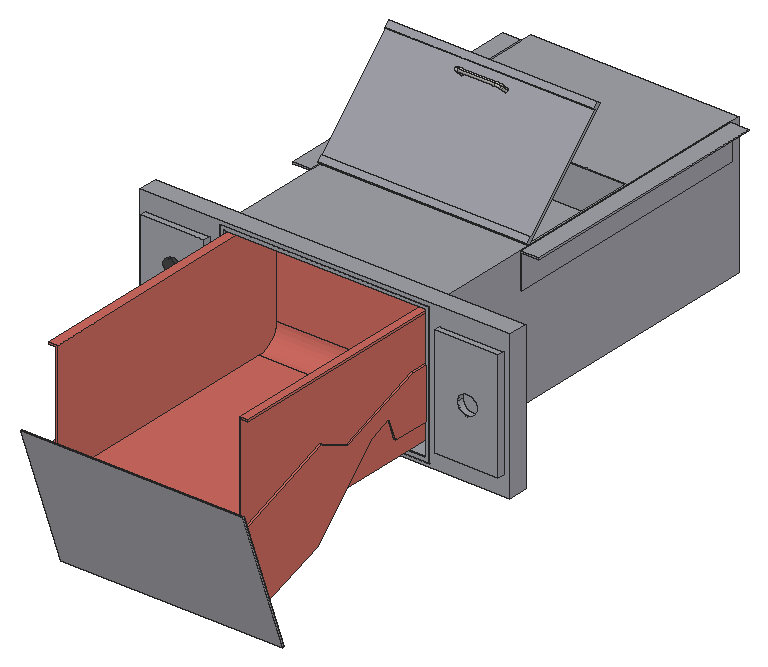
Revit family "Specialty_Equipment-Bavis_Fabacraft-Electric_Transaction_Drawer", category Specialty Equipment, host Wall, Revit 2020
Family settings
  Host = Wall
  Round Connector Dimension = Use Diameter
  Part Type = Normal
  OmniClass Number = 23.40.70.27.24.21
  OmniClass Title = Service and Teller Window Units
  Always vertical = Yes
  Cut with Voids When Loaded = Yes
  Shared = No
  Room Calculation Point = No
Parameters (values of type "Large")
  Width = if(C Sign Constraint = 1, 1' 2 1/2", if(C Sign Constraint = 2, 1' 3 5/8", if(C Sign Constraint = 3, 1' 3 5/8", 1' 2 1/2")))  # 1' - 3 5/8"
  Warranty URL = ""
  Wall Width Warning [instance] = if(and(C Sign Constraint = 1, Wall Width > 0' 6 17/32" - 0' 1 1/2", Optional Audio Panel), "Wall Width Max 5 1/32\" With Optional Audio Panel. Please Select Different Wall Width.", if(and(C Sign Constraint = 1, Wall Width > 0' 8 5/8" - 0' 1 1/2", Optional Audio Panel), "Wall Width Max 7 1/8\" With Optional Audio Panel. Please Select Different Wall Width.", if(and(C Sign Constraint = 1, Wall Width > 0' 8 5/8" - 0' 1 1/2", Optional Audio Panel), "Wall Width Max 7 1/8\" With Optional Audio Panel. Please Select Different Wall Width.", if(and(C Sign Constraint = 1, Wall Width > 0' 6 17/32"), "Wall Width Max 6 17/32\". Please Select Different Wall Width.", if(and(C Sign Constraint = 2, Wall Width > 0' 8 5/8"), "Wall Width Max 8 5/8\". Please Select Different Wall Width.", if(and(C Sign Constraint = 3, Wall Width > 0' 8 5/8"), "Wall Width Max 8 5/8\". Please Select Different Wall Width.", "Wall Width Compatible"))))))  # "Wall Width Compatible"
  Wall Width [instance] = 0' - 8"
  Voltage = 120 V  # constant formula
  Video Link = "https://www.youtube.com/watch?v=4XuO8WkjTBw"
  Version = "2020 - v1.0a"  # constant formula
  URL = "https://www.bavis.com/"
  Teller Door Open [instance] = yes
  Teller Door Note [instance] = "For accurate vizualization of drawer opening please use project cut tool on counter then drawer to active the drawer opening void"  # constant formula
  Support Phone = "224-699-9545"  # constant formula
  Support Email = "mailto:support@bimsmith.com"
  Product Page URL = "https://www.bavis.com/transaction-drawers"
  Product Name = "Bavis Electric Transactions Drawers"  # constant formula
  Product Documentation Link = "https://docs.bavis.com/ptd-5000-tank-transaction-drawer-typical-specifications/viewdocument/307"
  Power Factor = 1
  Order Code [instance] = if(C Sign Constraint = 1, "XSD", if(C Sign Constraint = 2, "2000 Buddy", if(C Sign Constraint = 3, "5000 Tank", "XSD")))  # "5000 Tank"
  Optional Audio Panel [instance] = yes
  C Offset [instance] = if(Optional Audio Panel, 0' 1 1/2", 0' 0")  # 0' - 1 1/2"
  Drawer Open [instance] = yes
  Number of Poles = 1
  Model = "See Order Code"  # constant formula
  Material = ""
  Manufacturer Phone Number = "(513) 677-0500"  # constant formula
  Manufacturer Email = "mailto:sales@bavis.com"
  Manufacturer Address = "201 Grandin Road, Maineville, OH 45039"  # constant formula
  Manufacturer = "Bavis Fabacraft"  # constant formula
  Load Classification = Power
  Length = if(C Sign Constraint = 1, 2' 2 1/2", if(C Sign Constraint = 2, 2' 5", if(C Sign Constraint = 3, 2' 5", 2' 2 1/2")))  # 2' - 5"
  Keynote = "14 90 00"
  Instruction Sheet Link = "Please Contact Manufacturer for Instruction Documentation"
  Height = if(C Sign Constraint = 1, 0' 6 9/16", if(C Sign Constraint = 2, 0' 9", if(C Sign Constraint = 3, 0' 10 1/2", 0' 6 9/16")))  # 0' - 10 1/2"
  Hardware = Metal - Bavis Fabacraft - Steel
  Finish = Metal - Bavis Fabacraft - Aluminum - Dark Grey
  Elevation Height = 3' - 0"
  Drawer = Paint - Bavis Fabacraft - Red
  Description = "Electric Transactions Drawers"  # constant formula
  Copyright = "© 2022 Bavis Fabacraft, All Rights Reserved."  # constant formula
  Default Elevation = 0' - 0"
  C Void Start = if(C Sign Constraint = 1, 0' 6 3/8", if(C Sign Constraint = 2, 0' 8 7/8", if(C Sign Constraint = 3, 0' 8 1/2", 0' 6 3/8")))  # 0' - 8 1/2"
  C Stroke = if(C Sign Constraint = 1, 0' 11 1/2", if(C Sign Constraint = 2, 0' 11 1/2", if(C Sign Constraint = 3, 1' 5 1/2", 0' 11 1/2")))  # 1' - 5 1/2"
  C Start = if(C Sign Constraint = 1, 0' 7 3/8", if(C Sign Constraint = 2, 0' 9 1/16", if(C Sign Constraint = 3, 0' 9 5/16", 0' 7 3/8")))  # 0' - 9 5/16"
  C Sign Constraint = 3
  C Rough Width = if(C Sign Constraint = 1, 1' 2 3/4", if(C Sign Constraint = 2, 1' 4", if(C Sign Constraint = 3, 1' 4", 1' 2 3/4")))  # 1' - 4"
  C Rough Height = if(C Sign Constraint = 1, 0' 6 3/4", if(C Sign Constraint = 2, 0' 9 1/4", if(C Sign Constraint = 3, 0' 10 3/4", 0' 6 3/4")))  # 0' - 10 3/4"
  C Middle = if(C Sign Constraint = 1, 0' 7 1/2", if(C Sign Constraint = 2, 0' 9 1/16", if(C Sign Constraint = 3, 0' 9 3/8", 0' 7 1/2")))  # 0' - 9 3/8"
  C Inset = 0' - 0"  # constant formula
  C Drawer Inset [instance] = if(and(Drawer Open, C Sign Constraint = 1), 0' 0 7/32", if(and(Drawer Open, C Sign Constraint = 2), 0' 3 7/32", if(and(Drawer Open, C Sign Constraint = 3), 0' 0 59/256", if(and(not(Drawer Open), C Sign Constraint = 1), 0' 0 7/32" + C Stroke, if(and(not(Drawer Open), C Sign Constraint = 2), 0' 3 7/32" + C Stroke, if(and(not(Drawer Open), C Sign Constraint = 3), 0' 0 59/256" + C Stroke, 1' 2 7/8" + C Stroke))))))  # 0' - 0 59/256"
  C Drawer = 0' - 0"  # constant formula
  C Door Width = Width + 0' 1"  # 1' - 4 5/8"
  C Door Height = Height + 0' 0 1/2"  # 0' - 11"
  C Counter Open Width = if(C Sign Constraint = 1, 1' 2 7/8", if(C Sign Constraint = 2, 1' 3 5/8", if(C Sign Constraint = 3, 1' 3 3/4", 1' 2 7/8")))  # 1' - 3 3/4"
  C Counter Open Length = if(C Sign Constraint = 1, 0' 8 5/8", if(C Sign Constraint = 2, 0' 10", if(C Sign Constraint = 3, 0' 11", 0' 8 5/8")))  # 0' - 11"
  C Back = if(C Sign Constraint = 1, 0' 11 3/4", if(C Sign Constraint = 2, 0' 10 7/8", if(C Sign Constraint = 3, 0' 10 5/16", 0' 11 3/4")))  # 0' - 10 5/16"
  C Angle [instance] = if(Teller Door Open, 45.00°, 0.00°)  # 45.00°
  Assembly Code = "E1010"
  Apparent Load = 0 VA
Types (4): name | Width | Wall Width Warning | Product Documentation Link | Order Code | Length | Instruction Sheet Link | Height | C Void Start | C Stroke | C Start | C Sign Constraint | C Rough Width | C Rough Height | C Middle | C Drawer Inset | C Door Width | C Door Height | C Counter Open Width | C Counter Open Length | C Back
  (no name) | 1' - 3 5/8" | "Wall Width Compatible" | "https://docs.bavis.com/ptd-5000-tank-transaction-drawer-typical-specifications/viewdocument/307" | "5000 Tank" | 2' - 5" | "Please Contact Manufacturer for Instruction Documentation" | 0' - 10 1/2" | 0' - 8 1/2" | 1' - 5 1/2" | 0' - 9 5/16" | 3 | 1' - 4" | 0' - 10 3/4" | 0' - 9 3/8" | 0' - 0 59/256" | 1' - 4 5/8" | 0' - 11" | 1' - 3 3/4" | 0' - 11" | 0' - 10 5/16"
  Extra Small | 1' - 2 1/2" | "Wall Width Max 5 1/32\" With Optional Audio Panel. Please Select Different Wall Width." | "https://docs.bavis.com/pxd-2000-buddy-typical-specifications/viewdocument/308" | "XSD" | 2' - 2 1/2" | "https://docs.bavis.com/00763011-extra-small-xs-drawer-installation-and-service-manual/viewdocument/379" | 0' - 6 9/16" | 0' - 6 3/8" | 0' - 11 1/2" | 0' - 7 3/8" | 1 | 1' - 2 3/4" | 0' - 6 3/4" | 0' - 7 1/2" | 0' - 0 7/32" | 1' - 3 1/2" | 0' - 7 1/16" | 1' - 2 7/8" | 0' - 8 5/8" | 0' - 11 3/4"
  Small | 1' - 3 5/8" | "Wall Width Compatible" | "https://docs.bavis.com/psd-3000-spark-replacement-drawer-typical-specifications/download" | "2000 Buddy" | 2' - 5" | "https://docs.bavis.com/00652011-small-transaction-drawer-installation-and-service-manual/viewdocument/376" | 0' - 9" | 0' - 8 7/8" | 0' - 11 1/2" | 0' - 9 1/16" | 2 | 1' - 4" | 0' - 9 1/4" | 0' - 9 1/16" | 0' - 3 7/32" | 1' - 4 5/8" | 0' - 9 1/2" | 1' - 3 5/8" | 0' - 10" | 0' - 10 7/8"
  Large | 1' - 3 5/8" | "Wall Width Compatible" | "https://docs.bavis.com/ptd-5000-tank-transaction-drawer-typical-specifications/viewdocument/307" | "5000 Tank" | 2' - 5" | "Please Contact Manufacturer for Instruction Documentation" | 0' - 10 1/2" | 0' - 8 1/2" | 1' - 5 1/2" | 0' - 9 5/16" | 3 | 1' - 4" | 0' - 10 3/4" | 0' - 9 3/8" | 0' - 0 59/256" | 1' - 4 5/8" | 0' - 11" | 1' - 3 3/4" | 0' - 11" | 0' - 10 5/16"
Reference planes (in)
  plane 1: y = 0
  plane 2 "Center (Left/Right)": x = 0
  plane 3 "Wall Edge": y = 3.05833
  plane 4: y = 23.55833
  plane 5: z = 36
  plane 6: z = 46.5
  plane 7: z = 0
  plane 8: z = 0
  plane 9 "C": z = 41.25
  plane 10: z = 35.75
  plane 11: z = 46.75
  plane 12: y = -5.56667
  plane 13: y = -23.06667
  plane 14: y = 3.87083
  plane 15: y = 13.24583
  plane 16: y = 23.55833
  plane 17 "A": y = -5.44167
  plane 18: x = -7.8125
  plane 19: x = 7.8125
  plane 20: x = 8.3125
  plane 21: x = -8.3125
  plane 22: y = 3.05833
  plane 23: y = 14.05833
  plane 24: x = -7.875
  plane 25: x = 7.875
  plane 26 "D": z = 41.25
  plane 27 "E": y = -5.3362
  plane 28: z = 35.75
  plane 29: z = 46.75
  plane 30: x = 13.84375
  plane 31: x = -13.84375
  plane 32 "F": y = -3.94167
  plane 33 "G": y = -5.94167
Forms (in)
  Extrusion 1, void
    sketch origin (96, -155.27688, 0) x (0.866025, 0.5, 0) y (-0.5, 0.866025, 0)
      loop
        line (-0.48666, 206.78209) -> (-23.79916, 166.40365) -> (-10.26751, 158.59115) -> (13.04499, 198.96959) -> (-0.48666, 206.78209)
    from 36 to 46.5
  Sweep 2, solid, material "Metal - Bavis Fabacraft - Aluminum - Dark Grey" <- "Finish"
    path origin (0, -5.44167, 0) x (-1, 0, 0) y (0, 0, 1)
      loop
        line (7.8125, 36) -> (7.8125, 46.5) -> (-7.8125, 46.5) -> (-7.8125, 36) -> (7.8125, 36)
    profile origin (0, -5.44167, 36) x (0, 0, -1) y (0, 1, 0)
      loop
        line (-5.03581, 29) -> (-5.03581, 28.875) -> (-0.125, 28.875) -> (-0.125, 0.125) -> (-0.25, 0.125) -> (-0.25, 0) -> (0, 0) -> (0, 29) -> (-5.03581, 29)
  Extrusion 3, solid, material "Metal - Bavis Fabacraft - Aluminum - Dark Grey" <- "Finish"
    sketch origin (0, 0, 0) x (0, 1, 0) y (0, 0, 1)
      loop
        line (23.43333, 41.46419) -> (23.43333, 41.03581) -> (23.55833, 41.03581) -> (23.55833, 41.46419) -> (23.43333, 41.46419)
    from -7.8125 to 7.8125
  Extrusion 4, void
    sketch origin (96, -155.27688, -0.125) x (0.866025, 0.5, 0) y (-0.5, 0.866025, 0)
      loop
        line (-5.29078, 198.5861) -> (-10.79078, 189.05982) -> (2.84912, 181.18482) -> (8.34912, 190.7111) -> (-5.29078, 198.5861)
    from 35.875 to 46.875
  Extrusion 5, solid, material "Metal - Bavis Fabacraft - Aluminum - Dark Grey" <- "Finish"
    sketch origin (0, 3.05833, 0) x (1, 0, 0) y (0, 0, 1)
      loop
        line (7.8125, 46.5) -> (7.8125, 43.875) -> (7.9375, 43.875) -> (7.9375, 46.375) -> (9.1875, 46.375) -> (9.1875, 46.5) -> (7.8125, 46.5)
      loop
        line (-7.8125, 46.5) -> (-9.1875, 46.5) -> (-9.1875, 46.375) -> (-7.9375, 46.375) -> (-7.9375, 43.875) -> (-7.8125, 43.875) -> (-7.8125, 46.5)
    from 0 to -19.63779
  Extrusion 6, void
    sketch origin (96, -155.27688, 0) x (0.866025, 0.5, 0) y (-0.5, 0.866025, 0)
      loop
        line (-5.53465, 197.7887) -> (-10.22215, 189.66971) -> (3.09299, 181.98221) -> (7.78049, 190.1012) -> (-5.53465, 197.7887)
    from 46.25 to 46.75
  Extrusion 7, solid, material "Metal - Bavis Fabacraft - Aluminum - Dark Grey" <- "Finish", visible <- "Optional Audio Panel"
    sketch origin (0, -5.44167, 0) x (-1, 0, 0) y (0, 0, 1)
      loop
        line (13.84375, 46.75) -> (-13.84375, 46.75) -> (-13.84375, 35.75) -> (13.84375, 35.75) -> (13.84375, 46.75)
      loop
        line (7.875, 46.5) -> (-7.875, 46.5) -> (-7.875, 36) -> (7.875, 36) -> (7.875, 46.5)
    from 0 to 1.5
  Extrusion 8, solid, material "Metal - Bavis Fabacraft - Aluminum - Dark Grey" <- "Finish", visible <- "Optional Audio Panel"
    sketch origin (0, -5.44167, 0) x (-1, 0, 0) y (0, 0, 1)
      loop
        line (13.37208, 45.41369) -> (8.62208, 45.41369) -> (8.62208, 37.16369) -> (13.37208, 37.16369) -> (13.37208, 45.41369)
      loop
        circle (10.99493, 42.93755) r 0.5
      loop
        line (11.96695, 39.77547) -> (11.03129, 40.71113) -> (10.11125, 39.7911) -> (11.04691, 38.85544) -> (11.96695, 39.77547)
      loop
        circle (-11.08743, 41.25) r 0.75
      loop
        line (-13.37208, 45.41369) -> (-13.37208, 37.16369) -> (-8.62208, 37.16369) -> (-8.62208, 45.41369) -> (-13.37208, 45.41369)
    from -0.5 to 1.84613
  Extrusion 9, solid, material "Plastic - Bavis Fabacraft - Black", visible <- "Optional Audio Panel"
    sketch origin (0, -5.44167, 0) x (-1, 0, 0) y (0, 0, 1)
      loop
        circle (10.99493, 42.93755) r 0.5
      loop
        circle (11.01755, 40.00766) r 0.25
    from -0.7625 to 0
Cuts and joins
  Extrusion 6 cuts Sweep 2
  joined: Sweep 2, Extrusion 3
  joined: Extrusion 7, Extrusion 8
Lines and regions (in)
  reference lines
    curve 1: line (0, 3.87083, 46.5) -> (0, 5.04194, 45.32889)
    curve 2: line (0, 3.87083, 46.5) -> (0, 4.75472, 47.38388)
Text (in)
  text "Placement Side" at (0, 40.15149, 123.01588), in view "Right"
  text "Placement Side" at (-70.3804, 28.46503, 0), in view "Ref. Level"
  text "Placement Side" at (0, 158.81142, 156.46546), in view "Left"
Dimensions and locks (in)
  plane 3 "Wall Edge" to host wall = 0' - 1"
  "Elevation Height": plane 5 to level
  "Height": plane 6 to plane 5
  equal spacing: plane 6, plane 9 "C", plane 5
  equal spacing: plane 11, plane 9 "C", plane 10
  "C Door Height": plane 11 to plane 10
  "Length": plane 4 to plane 17 "A"
  "C Stroke": plane 12 to plane 13
  host wall to plane 17 "A" = 0' - 1 1/2"
  "C Start": plane 14 to plane 17 "A"
  "C Middle": plane 15 to plane 14
  "C Back": plane 16 to plane 15
  equal spacing: plane 18, plane 2 "Center (Left/Right)", plane 19
  "Width": plane 18 to plane 19
  equal spacing: plane 21, plane 2 "Center (Left/Right)", plane 20
  "C Door Width": plane 21 to plane 20
  "C Void Start": plane 22 to plane 17 "A"
  "C Counter Open Length": plane 23 to plane 22
  equal spacing: plane 24, plane 2 "Center (Left/Right)", plane 25
  "C Counter Open Width": plane 24 to plane 25
  plane 19 to Extrusion 5 sketch curve to Extrusion 5 sketch curve to Extrusion 5 sketch curve = 0' - 0" locked, 0' - 0 1/8" locked, 0' - 1 1/4" locked
  Extrusion 5 sketch curve to Extrusion 5 sketch curve to plane 6 to Extrusion 5 sketch curve = 0' - 2 1/2" locked, 0' - 0 1/8" locked, 0' - 0" locked
  Extrusion 5 sketch curve to plane 18 to Extrusion 5 sketch curve to Extrusion 5 sketch curve = 0' - 0" locked, 0' - 0 1/8" locked, 0' - 1 1/4" locked
  Extrusion 5 sketch curve to Extrusion 5 sketch curve to Extrusion 5 sketch curve to plane 6 = 0' - 2 1/2" locked, 0' - 0 1/8" locked, 0' - 0" locked
  locked: plane 4 to Extrusion 5 at 0.86221
  locked: Extrusion 6 sketch curve to plane 19 at 0.125
  locked: plane 18 to Extrusion 6 sketch curve at 0.125
  Sweep 2 sketch curve to plane 16 to Sweep 2 sketch curve = 0' - 0" locked, 0' - 0 1/8" locked
  Sweep 2 sketch curve to plane 17 "A" to Sweep 2 sketch curve = 0' - 0 1/8" locked, 0' - 0" locked
  locked: plane 9 "C" to Sweep 2 sketch curve at 0.21419
  Extrusion 3 sketch curve to plane 9 "C" to Extrusion 3 sketch curve = 0' - 0.21419" locked, 0' - 0.21419" locked
  plane 16 to Extrusion 3 sketch curve to Extrusion 3 sketch curve = 0' - 0" locked, 0' - 0 1/8" locked
  "C Drawer": plane 26 "D" to plane 9 "C"
  "C Drawer Inset": plane 27 "E" to plane 12
  locked: Extrusion 6 to plane 6 at 0.25
  equal spacing: plane 29, plane 26 "D", plane 28
  locked: plane 29 to plane 28 at 11
  equal spacing: plane 30, plane 2 "Center (Left/Right)", plane 31
  locked: plane 31 to plane 30 at 27.6875
  locked: plane 17 "A" to plane 12 at 0.125
  "C Offset": host wall to plane 17 "A"
  locked: plane 32 "F" to plane 17 "A" at 1.5
  locked: plane 17 "A" to plane 33 "G" at 0.5
  locked: plane 17 "A" to Extrusion 9 at 0.7625
  plane 31 to Extrusion 8 sketch curve to Extrusion 8 sketch curve to Extrusion 8 sketch curve to Extrusion 8 sketch curve to Extrusion 8 sketch curve to Extrusion 8 sketch curve to Extrusion 8 sketch curve = 0' - 0.47167" locked, 0' - 1.40513" locked, 0' - 0.92004" locked, 0' - 0 1/64" locked, 0' - 0.03636" locked, 0' - 0.88367" locked, 0' - 1.48917" locked
  Extrusion 8 sketch curve to Extrusion 8 sketch curve to plane 26 "D" to Extrusion 8 sketch curve to Extrusion 8 sketch curve to Extrusion 8 sketch curve to Extrusion 8 sketch curve to Extrusion 8 sketch curve = 0' - 2.47613" locked, 0' - 1.68755" locked, 0' - 0.53887" locked, 0' - 0.92004" locked, 0' - 0 1/64" locked, 0' - 0.92004" locked, 0' - 1.69175" locked
  plane 30 to Extrusion 8 sketch curve to Extrusion 8 sketch curve to Extrusion 8 sketch curve = 0' - 0.47167" locked, 0' - 2.28465" locked, 0' - 2.46535" locked
  Extrusion 8 sketch curve to plane 26 "D" to Extrusion 8 sketch curve = 0' - 4.16369" locked, 0' - 4.08631" locked
  "Wall Width": host wall to host wall
  plane 31 to Extrusion 9 sketch curve to Extrusion 9 sketch curve = 0' - 2.8262" locked, 0' - 0.02263" locked
  Extrusion 9 sketch curve to plane 26 "D" to Extrusion 9 sketch curve = 0' - 1.68755" locked, 0' - 1.24234" locked
  angle curve 2 to curve 1 = 90.00°
  "C Angle": angle curve 2 to plane 6
  aligned and locked: plane 19 to Extrusion 1 sketch curve
  aligned and locked: plane 18 to Extrusion 1 sketch curve
  aligned and locked: plane 6 to Extrusion 1
  aligned and locked: Extrusion 1 to plane 5
  aligned and locked: plane 18 to Sweep 2 sketch curve
  aligned and locked: plane 5 to Sweep 2 sketch curve
  aligned and locked: Extrusion 3 to plane 18
  aligned and locked: Extrusion 3 to plane 19
  aligned and locked: Extrusion 4 sketch curve to plane 23
  aligned and locked: plane 24 to Extrusion 4 sketch curve
  aligned and locked: plane 25 to Extrusion 4 sketch curve
  aligned and locked: Extrusion 4 to plane 11
  aligned and locked: Extrusion 5 to plane 22
  aligned and locked: plane 6 to curve 2
  aligned and locked: plane 14 to curve 2
  aligned and locked: plane 2 "Center (Left/Right)" to nested 1
  aligned and locked: plane 22 to Extrusion 4 sketch curve
  aligned and locked: plane 14 to Extrusion 6 sketch curve
  aligned and locked: Extrusion 6 sketch curve to plane 15
  aligned and locked: nested 2 to plane 2 "Center (Left/Right)"
  aligned and locked: plane 27 "E" to nested 2
  aligned and locked: Extrusion 4 to plane 10
  aligned and locked: Extrusion 6 to plane 11
  aligned and locked: plane 13 to Extrusion 1 sketch curve
  aligned and locked: Extrusion 1 sketch curve to plane 16
  aligned and locked: plane 25 to Extrusion 7 sketch curve
  aligned and locked: plane 24 to Extrusion 7 sketch curve
  aligned and locked: Extrusion 7 sketch curve to plane 6
  aligned and locked: plane 5 to Extrusion 7 sketch curve
  aligned and locked: plane 29 to Extrusion 7 sketch curve
  aligned and locked: Extrusion 7 sketch curve to plane 30
  aligned and locked: plane 28 to Extrusion 7 sketch curve
  aligned and locked: Extrusion 7 sketch curve to plane 31
  aligned and locked: Extrusion 7 to plane 17 "A"
  aligned and locked: plane 17 "A" to Extrusion 9
  aligned and locked: plane 26 "D" to Extrusion 8 sketch curve
  aligned and locked: cut or joined group of Extrusion 7, Extrusion 8 to plane 33 "G"
Automatic sketch dimensions
  plane 19 to Sweep 2 sketch curve = 0' - 0"
  Sweep 2 sketch curve to plane 6 = 0' - 0"
  Sweep 2 sketch curve to profile plane = 0' - 0"
  profile plane to Sweep 2 sketch curve = 0' - 0 1/8"
  Sweep 2 sketch curve to Sweep 2 sketch curve = 0' - 0 1/8"
  radius of Extrusion 8 sketch curve = 0' - 0 1/2"
  radius of Extrusion 8 sketch curve = 0' - 0 3/4"
  radius of Extrusion 9 sketch curve = 0' - 0 1/2"
  radius of Extrusion 9 sketch curve = 0' - 0 1/4"
Nested families (in)
  nested 1: "Teller Door" at (0, 3.87083, 46.5) x (0, 0.7071, 0.7071) z (0, -0.7071, 0.7071), type "Teller Door"
    with Width 0' - 9 3/8", Length 1' - 3 5/8", C Sign Constraint 3, C Middle 0' - 9 3/8"
  nested 2: "Drawer" at (0, -5.3362, 41.25) x (0, -1, 0) z (0, 0, 1), type "Drawer"
    with Open yes, C Angle 70.00°
Connectors (in)
  electrical at (-7.8125, 9.05833, 41.25), driven by "Number of Poles", driven by "Load Classification", driven by "Voltage", driven by "Apparent Load", driven by "Power Factor"
    settings: on cut or joined group of Sweep 2, Extrusion 3, Extrusion 6, index 1, voltage 120 V, apparent load 0 VA, apparent load phase1 0 VA, apparent load phase2 0 VA, apparent load phase3 0 VA, power factor 1, load classification "Power", number of poles 1, system type 30, power factor state 1, is connector primary yes, connector utility no, sub classification motor no, connector description "Power Connector"
Definition of nested family "Teller Door"
  Parameters (values of type "Teller Door")
    Width = if(C Sign Constraint = 1, 0' 7 1/2", if(C Sign Constraint = 2, 0' 9 1/16", if(C Sign Constraint = 3, 0' 9 3/8", 0' 7 1/2")))  # 0' - 7 1/2"
    Length = if(C Sign Constraint = 1, 1' 2 1/2", if(C Sign Constraint = 2, 1' 3 5/8", if(C Sign Constraint = 3, 1' 3 5/8", 1' 2 1/2")))  # 1' - 2 1/2"
    Hardware = none
    Finish = none
    Default Elevation = 4' - 0"
    C Sign Constraint = 0
    C Middle = if(C Sign Constraint = 1, 0' 7 1/2", if(C Sign Constraint = 2, 0' 9 1/16", if(C Sign Constraint = 3, 0' 9 3/8", 0' 7 1/2")))  # 0' - 7 1/2"
  Reference planes (in)
    plane 1 "Center (Front/Back)": y = 0
    plane 2: z = 0
    plane 3 "Center (Left/Right)": x = 0
    plane 4: x = 7.5
    plane 5: y = 7.25
    plane 6: y = -7.25
    plane 7: z = 0.25
    plane 8 "c": x = 6.1585
  Forms (in)
    Extrusion 1, solid, material <- "Finish"
      sketch origin (0, 0, 0) x (1, 0, 0) y (0, 0, 1)
        loop
          line (0, 0) -> (7.5, 0) -> (7.5, 0.25) -> (7, 0.25) -> (7, 0.125) -> (0.5, 0.125) -> (0.5, 0.25) -> (0, 0.25) -> (0, 0)
      from -7.25 to 7.25
    Sweep 2, solid, material <- "Hardware"
      path origin (6.1585, 0, 0) x (0, 1, 0) y (0, 0, 1)
        loop
          line (1.625, 0.125) -> (1.625, 0.75)
          arc (1.625, 0.75) -> (1.55178, 0.92678) -> (1.375, 1) r 0.25
          line (1.375, 1) -> (-1.375, 1)
          arc (-1.375, 1) -> (-1.55178, 0.92678) -> (-1.625, 0.75) r 0.25
          line (-1.625, 0.75) -> (-1.625, 0.125)
      profile origin (6.1585, 1.625, 0.4375) x (0, -1, 0) y (1, 0, 0)
        loop
          circle (0, 0) r 0.125
  Dimensions and locks (in)
    "C Middle": plane 3 "Center (Left/Right)" to plane 4
    equal spacing: plane 6, plane 1 "Center (Front/Back)", plane 5
    "Length": plane 6 to plane 5
    locked: plane 7 to plane 2 at 0.25
    locked: plane 8 "c" to plane 4 at 1.3415
    aligned and locked: plane 2 to level
    aligned and locked: plane 5 to Extrusion 1
    aligned and locked: plane 6 to Extrusion 1
  Automatic sketch dimensions
    Extrusion 1 sketch curve to level = 0' - 0"
    Extrusion 1 sketch curve to plane 3 "Center (Left/Right)" = 0' - 0"
    Extrusion 1 sketch curve to plane 7 = 0' - 0"  (x2)
    Extrusion 1 sketch curve to plane 4 = 0' - 0"
    level to Extrusion 1 sketch curve = 0' - 0 1/8"
    plane 3 "Center (Left/Right)" to Extrusion 1 sketch curve = 0' - 0 1/2"
    Extrusion 1 sketch curve to plane 4 = 0' - 0 1/2"
    profile plane to Sweep 2 sketch curve = 0' - 0"
    Sweep 2 sketch curve to profile plane = 0' - 0"
    plane 7 to Sweep 2 sketch curve = 0' - 0 1/2"  (x2)
    plane 1 "Center (Front/Back)" to Sweep 2 sketch curve = 0' - 1 5/8"
    Sweep 2 sketch curve to Sweep 2 sketch curve = 0' - 0 1/4"
    Sweep 2 sketch curve to plane 1 "Center (Front/Back)" = 0' - 1 3/8"
    level to Sweep 2 sketch curve = 0' - 0 1/8"  (x2)
    radius of Sweep 2 sketch curve = 0' - 0 1/8"
Definition of nested family "Drawer"
  Parameters (values of type "Drawer")
    Width = if(C Sign Constraint = 1, 1' 2 1/2", if(C Sign Constraint = 2, 1' 3 5/8", if(C Sign Constraint = 3, 1' 3 5/8", 1' 2 1/2")))  # 1' - 3 5/8"
    Small = if(C Sign Constraint = 1, 1 = 1, 1 = 0)  # no
    Open = no
    Large = if(C Sign Constraint = 1, 1 = 0, 1 = 1)  # yes
    Height = if(C Sign Constraint = 1, 0' 6 9/16", if(C Sign Constraint = 2, 0' 9", if(C Sign Constraint = 3, 0' 10 1/2", 0' 6 9/16")))  # 0' - 10 1/2"
    Hardware = none
    Finish = none
    Drawer = none
    Default Elevation = 4' - 0"
    C Stroke = if(C Sign Constraint = 1, 0' 11 1/2", if(C Sign Constraint = 2, 1' 2 1/2", if(C Sign Constraint = 3, 1' 5 1/2", 0' 11 1/2")))  # 1' - 5 1/2"
    C Sign Constraint = 3
    C Door Width = Width + 0' 1"  # 1' - 4 5/8"
    C Door Height = Height + 0' 0 1/2"  # 0' - 11"
    C Center = if(C Sign Constraint = 3, 0' 4 1/2", 0' 3")  # 0' - 4 1/2"
    C Angle = if(Open, 70.00°, 90.00°)  # 90.00°
  Reference planes (in)
    plane 1 "Center (Front/Back)": y = 0
    plane 2: z = 0
    plane 3 "Center (Left/Right)": x = 0
    plane 4: x = 17.5
    plane 5: y = 8.3125
    plane 6: y = -8.3125
    plane 7: z = 5.5
    plane 8: z = -5.5
    plane 9: x = 17.375
    plane 10: z = 4
    plane 11: z = 1
    plane 12: y = 6.8125
    plane 13: y = -6.8125
    plane 14: y = 7.8125
    plane 15: y = -7.8125
    plane 16: x = -4
  Forms (in)
    Extrusion 1, solid, material <- "Drawer"
      sketch origin (0, 0, 0) x (1, 0, 0) y (0, 0, 1)
        loop
          line (-4, 4.75) -> (-4, -2.59854)
          arc (-4, -2.59854) -> (-3.49554, -3.81642) -> (-2.27765, -4.32089) r 1.72235
          line (-2.27765, -4.32089) -> (16.61108, -4.32089) -> (16.61108, -4.19589) -> (-2.27765, -4.19589)
          arc (-2.27765, -4.19589) -> (-3.40715, -3.72804) -> (-3.875, -2.59854) r 1.59735
          line (-3.875, -2.59854) -> (-3.875, 4.75) -> (-4, 4.75)
      from -6.8125 to 6.8125
    Extrusion 2, solid, material <- "Drawer"
      sketch origin (6.1585, 0, 0) x (0, 1, 0) y (0, 0, 1)
        loop
          line (6.8125, 4.75) -> (6.8125, -4.32089) -> (6.9375, -4.32089) -> (6.9375, 4.625) -> (7.4375, 4.625) -> (7.4375, 4.75) -> (6.8125, 4.75)
        loop
          line (-6.8125, 4.75) -> (-7.4375, 4.75) -> (-7.4375, 4.625) -> (-6.9375, 4.625) -> (-6.9375, -4.32089) -> (-6.8125, -4.32089) -> (-6.8125, 4.75)
      from -10.1585 to 10.45257
  Cuts and joins
    joined: Extrusion 1, Extrusion 2
  Lines and regions (in)
    reference lines
      curve 1: line (0, 0, 1) -> (6.75, 0, 1)
      curve 2: line (0, 0, 1) -> (0, 0, -4)
  Dimensions and locks (in)
    "C Stroke": plane 3 "Center (Left/Right)" to plane 4
    equal spacing: plane 6, plane 1 "Center (Front/Back)", plane 5
    "C Door Width": plane 6 to plane 5
    "C Stroke": plane 4 to plane 3 "Center (Left/Right)"
    "C Door Height": plane 7 to plane 8
    locked: plane 4 to plane 9 at 0.125
    "C Center": plane 7 to plane 11
    equal spacing: plane 7, level, plane 8
    locked: plane 6 to plane 13 at 1.5
    locked: plane 5 to plane 12 at 1.5
    plane 7 to Extrusion 2 sketch curve to Extrusion 2 sketch curve to Extrusion 2 sketch curve to Extrusion 2 sketch curve = 0' - 0 3/4" locked, 0' - 0" locked, 0' - 0 1/8" locked, 0' - 0" locked
    plane 8 to Extrusion 2 sketch curve to Extrusion 2 sketch curve = 0' - 1.17911" locked, 0' - 0" locked
    plane 5 to Extrusion 2 sketch curve to Extrusion 2 sketch curve to Extrusion 2 sketch curve = 0' - 0 7/8" locked, 0' - 0 1/2" locked, 0' - 0 1/8" locked
    Extrusion 2 sketch curve to Extrusion 2 sketch curve to Extrusion 2 sketch curve to plane 6 = 0' - 0 1/8" locked, 0' - 0 1/2" locked, 0' - 0 7/8" locked
    locked: Extrusion 1 sketch curve to plane 16 at 0.125
    Extrusion 1 sketch curve to Extrusion 1 sketch curve to plane 8 = 0' - 0 1/8" locked, 0' - 1.17911" locked
    locked: plane 9 to Extrusion 1 sketch curve at 0.76392
    locked: plane 4 to cut or joined group of Extrusion 1, Extrusion 2 at 0.88892
    equal spacing: plane 15, plane 1 "Center (Front/Back)", plane 14
    "Width": plane 15 to plane 14
    locked: plane 3 "Center (Left/Right)" to plane 16 at 4
    locked: curve 2 to curve 1 (angle 90.00°)
    "C Angle": angle plane 11 to curve 2
    aligned and locked: plane 2 to level
    aligned and locked: nested 1 to curve 1
    aligned and locked: plane 1 "Center (Front/Back)" to nested 1
    aligned and locked: plane 11 to curve 2
    aligned and locked: plane 3 "Center (Left/Right)" to curve 2
    aligned and locked: cut or joined group of Extrusion 1, Extrusion 2 to plane 16
    aligned and locked: Extrusion 1 sketch curve to plane 16
  Automatic sketch dimensions
    Extrusion 1 sketch curve to Extrusion 1 sketch curve = 0' - 0"
    Extrusion 1 sketch curve to Extrusion 1 sketch curve = 0' - 1.59735"
    Extrusion 1 sketch curve to plane 7 = 0' - 0 3/4"
  Nested families (in)
    nested 1: "Customer Door" at (0.2287, 0, 1), type "Customer Door"
  Definition of nested family "Customer Door"
    Parameters (values of type "Customer Door")
      Width = if(C Sign Constraint = 1, 1' 2 1/2", if(C Sign Constraint = 2, 1' 3 5/8", if(C Sign Constraint = 3, 1' 3 5/8", 1' 2 1/2")))  # 1' - 3 5/8"
      Small = if(C Sign Constraint = 1, 1 = 1, 1 = 0)  # no
      Large = if(C Sign Constraint = 1, 1 = 0, 1 = 1)  # yes
      Height = if(C Sign Constraint = 1, 0' 6 9/16", if(C Sign Constraint = 2, 0' 9", if(C Sign Constraint = 3, 0' 10 1/2", 0' 6 9/16")))  # 0' - 10 1/2"
      Hardware = none
      Finish = none
      Drawer = none
      Default Elevation = 4' - 0"
      C Stroke = if(C Sign Constraint = 1, 0' 11 1/2", if(C Sign Constraint = 2, 1' 2 1/2", if(C Sign Constraint = 3, 1' 5 1/2", 0' 11 1/2")))  # 1' - 5 1/2"
      C Sign Constraint = 3
      C Door Width = Width + 0' 1"  # 1' - 4 5/8"
      C Door Height = Height + 0' 0 1/2"  # 0' - 11"
      C Center = if(C Sign Constraint = 3, 0' 4 1/2", 0' 3")  # 0' - 4 1/2"
    Reference planes (in)
      plane 1 "Center (Front/Back)": y = 0
      plane 2: z = 0
      plane 3 "Center (Left/Right)": x = 0
      plane 4: x = 17.5
      plane 5: y = 8.3125
      plane 6: y = -8.3125
      plane 7: z = 4.5
      plane 8: z = -6.5
      plane 9: x = 17.375
      plane 10: y = 7.50089
      plane 11: y = 7.34508
      plane 12: y = -7.53353
      plane 13: y = -7.39405
      plane 14: y = 7.8125
      plane 15: y = -7.8125
    Forms (in)
      Extrusion 1, solid, material <- "Finish"
        sketch origin (0, 0, 0) x (1, 0, 0) y (0, 0, 1)
          loop
            line (17.375, 4.5) -> (17.375, -6.5) -> (17.5, -6.5) -> (17.5, 4.5) -> (17.375, 4.5)
        from -8.3125 to 8.3125
      Extrusion 2, solid, material <- "Drawer", visible <- "Large"
        sketch origin (0, 0, 0) x (1, 0, 0) y (0, 0, 1)
          loop
            line (-0.31641, 0.15026) -> (-0.31641, -3.59974) -> (0.43359, -3.59974) -> (3.70112, -2.34545) -> (3.70112, -0.59545) -> (5.45112, -0.59545) -> (11.89383, -3.59974) -> (17.375, -3.47604) -> (17.375, 2.54276) -> (9.29511, 2.54276) -> (7.35056, 0.59822) -> (0.85056, 0.59822) -> (-0.31641, 0.15026)
        from 7.53353 to -7.50089
      Extrusion 3, void
        sketch origin (0, 0, 0) x (1, 0, 0) y (0, 1, 0)
          loop
            line (-4.40918, 7.34508) -> (-4.40918, -7.39405) -> (17.375, -7.39405) -> (17.375, 7.34508) -> (-4.40918, 7.34508)
        from -6.5 to 4.5
      Extrusion 4, solid, material <- "Drawer", visible <- "Small"
        sketch origin (0, 0, 0) x (1, 0, 0) y (0, 0, 1)
          loop
            line (13.22556, 0.17721) -> (-0.31641, 0.17721) -> (-0.31641, -0.76923) -> (13.35056, -0.76923) -> (16.27555, -2.51923) -> (17.375, -2.51923) -> (17.375, 0.35399) -> (13.40234, 0.35399) -> (13.22556, 0.17721)
        from -7.50089 to 7.53353
    Cuts and joins
      Extrusion 3 cuts Extrusion 2
      Extrusion 3 cuts Extrusion 4
    Dimensions and locks (in)
      "C Stroke": plane 3 "Center (Left/Right)" to plane 4
      equal spacing: plane 6, plane 1 "Center (Front/Back)", plane 5
      "C Door Width": plane 6 to plane 5
      plane 4 to plane 3 "Center (Left/Right)" = 1' - 5 1/2"
      "C Door Height": plane 7 to plane 8
      "C Center": plane 7 to plane 2
      locked: plane 4 to plane 9 at 0.125
      Extrusion 2 sketch curve to Extrusion 2 sketch curve to Extrusion 2 sketch curve to plane 2 to Extrusion 2 sketch curve to Extrusion 2 sketch curve to Extrusion 2 sketch curve to Extrusion 2 sketch curve to Extrusion 2 sketch curve = 0' - 1.94454" locked, 0' - 0.44796" locked, 0' - 0.15026" locked, 0' - 0.59545" locked, 0' - 1 3/4" locked, 0' - 1.13059" locked, 0' - 0.1237" locked, 0' - 0" locked
      Extrusion 2 sketch curve to Extrusion 2 sketch curve to Extrusion 2 sketch curve to Extrusion 2 sketch curve to Extrusion 2 sketch curve to plane 3 "Center (Left/Right)" to Extrusion 2 sketch curve = 0' - 3.84399" locked, 0' - 1 3/4" locked, 0' - 2.85056" locked, 0' - 0.41698" locked, 0' - 0 111/256" locked, 0' - 0 81/256" locked
      Extrusion 3 sketch curve to plane 3 "Center (Left/Right)" to Extrusion 3 sketch curve = 0' - 4.40918" locked, 1' - 5 3/8" locked
      Extrusion 4 sketch curve to Extrusion 4 sketch curve to plane 2 to Extrusion 4 sketch curve to Extrusion 4 sketch curve = 0' - 0.17678" locked, 0' - 0.17721" locked, 0' - 0.76923" locked, 0' - 1 3/4" locked
      locked: plane 3 "Center (Left/Right)" to Extrusion 4 sketch curve at 0.31641
      plane 9 to Extrusion 4 sketch curve to Extrusion 4 sketch curve to Extrusion 4 sketch curve to Extrusion 4 sketch curve to Extrusion 4 sketch curve = 0' - 0" locked, 0' - 1.09945" locked, 0' - 2.87322" locked, 0' - 0.05178" locked, 0' - 0 1/8" locked
      equal spacing: plane 15, plane 1 "Center (Front/Back)", plane 14
      "Width": plane 15 to plane 14
      plane 14 to plane 10 to plane 11 = 0' - 0.31161" locked, 0' - 0.15581" locked
      plane 15 to plane 12 to plane 13 = 0' - 0.27897" locked, 0' - 0.13948" locked
      aligned and locked: plane 2 to level
      aligned and locked: Extrusion 1 sketch curve to plane 8
      aligned and locked: Extrusion 1 sketch curve to plane 4
      aligned and locked: plane 9 to Extrusion 1 sketch curve
      aligned and locked: Extrusion 1 sketch curve to plane 7
      aligned and locked: plane 5 to Extrusion 1
      aligned and locked: plane 6 to Extrusion 1
      aligned and locked: plane 10 to Extrusion 2
      aligned and locked: plane 12 to Extrusion 2
      aligned and locked: Extrusion 3 sketch curve to plane 13
      aligned and locked: Extrusion 3 sketch curve to plane 11
      aligned and locked: Extrusion 3 to plane 8
      aligned and locked: plane 7 to Extrusion 3
      aligned and locked: plane 10 to Extrusion 4
      aligned and locked: plane 12 to Extrusion 4
      aligned and locked: Extrusion 2 sketch curve to plane 9
    Automatic sketch dimensions
      Extrusion 2 sketch curve to Extrusion 2 sketch curve = 0' - 1.89944"
      Extrusion 2 sketch curve to plane 9 = 0' - 5.48117"
